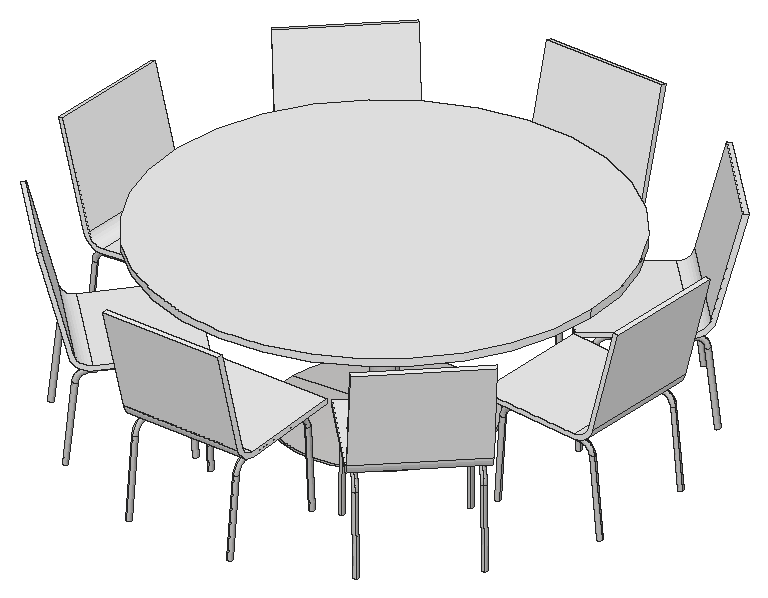
Revit family "Meeting Section Round", category Furniture, Revit 2015
Parameters (values of type "8 Persons")
  Chair Offset = 940 mm
  Table = Table Bar Round : 90x72cm
  Number of Chairs = 8
  Material Plate [instance] = White Glossy
  Material Seat/Back [instance] = White
  Material Chair Base [instance] = Stainless Steel
  Material Table Base [instance] = Stainless Steel
  Chair [instance] = Chair Canteen : Chair Canteen
  Assembly Code = ""
Types (4, lengths in mm): name | Chair Offset | Table | Number of Chairs
  (no name) | 940 | Table Bar Round : 90x72cm | 8
  6 Persons | 820 | Table Bar Round : 80x72cm | 6
  8 Persons | 940 | Table Bar Round : 90x72cm | 8
  4 Persons | 740 | Table Bar Round : 70x72cm | 4
Reference planes
  plane 1 "Center (Front/Back)": y = 0
  plane 2: z = 0
  plane 3 "Center (Left/Right)": x = 0
Dimensions and locks
  "Chair Offset": radius of radial array
Nested families
  nested 1: "Table Bar Round" at (0, 0, 0), Material Plate <- "Material Plate", Material Base <- "Material Table Base", type <- "Table", type "90x72cm"
    with Radius Base 400 mm, Radius Plate 900 mm, Height 720 mm
  nested 2: "Chair Canteen" at (0, 920, 0), type <- "Chair", Material Seat/Back <- "Material Seat/Back", Material Base <- "Material Chair Base", type "Chair Canteen"
    with Material Seat/Back White, Material Caster none, Material Base Stainless Steel
  nested 3: "Chair Canteen" at (650.538, 650.538, 0) x (0.7071, -0.7071, 0) z (0, 0, 1), type <- "Chair", Material Seat/Back <- "Material Seat/Back", Material Base <- "Material Chair Base", type "Chair Canteen"
    with Material Seat/Back White, Material Caster none, Material Base Stainless Steel
  nested 4: "Chair Canteen" at (-650.538, 650.538, 0) x (0.7071, 0.7071, 0) z (0, 0, 1), type <- "Chair", Material Seat/Back <- "Material Seat/Back", Material Base <- "Material Chair Base", type "Chair Canteen"
    with Material Seat/Back White, Material Caster none, Material Base Stainless Steel
  nested 5: "Chair Canteen" at (-920, 0, 0) x (0, 1, 0) z (0, 0, 1), type <- "Chair", Material Seat/Back <- "Material Seat/Back", Material Base <- "Material Chair Base", type "Chair Canteen"
    with Material Seat/Back White, Material Caster none, Material Base Stainless Steel
  nested 6: "Chair Canteen" at (-650.538, -650.538, 0) x (-0.7071, 0.7071, 0) z (0, 0, 1), type <- "Chair", Material Seat/Back <- "Material Seat/Back", Material Base <- "Material Chair Base", type "Chair Canteen"
    with Material Seat/Back White, Material Caster none, Material Base Stainless Steel
  nested 7: "Chair Canteen" at (0, -920, 0) x (-1, 0, 0) z (0, 0, 1), type <- "Chair", Material Seat/Back <- "Material Seat/Back", Material Base <- "Material Chair Base", type "Chair Canteen"
    with Material Seat/Back White, Material Caster none, Material Base Stainless Steel
  nested 8: "Chair Canteen" at (650.538, -650.538, 0) x (-0.7071, -0.7071, 0) z (0, 0, 1), type <- "Chair", Material Seat/Back <- "Material Seat/Back", Material Base <- "Material Chair Base", type "Chair Canteen"
    with Material Seat/Back White, Material Caster none, Material Base Stainless Steel
  nested 9: "Chair Canteen" at (920, 0, 0) x (0, -1, 0) z (0, 0, 1), type <- "Chair", Material Seat/Back <- "Material Seat/Back", Material Base <- "Material Chair Base", type "Chair Canteen"
    with Material Seat/Back White, Material Caster none, Material Base Stainless Steel
Definition of nested family "Table Bar Round"
  Parameters
    Material Plate [instance] = none
    Radius Base = 250 mm
    Radius Plate = 400 mm
    Material Base [instance] = none
    Height = 900 mm
    Assembly Code = ""
  Reference planes
    plane 1 "Center (Front/Back)": y = 0
    plane 2: z = 0
    plane 3 "Center (Left/Right)": x = 0
    plane 4 "Table Height": z = 900
  Forms (mm)
    Revolve 1, solid, material <- "Material Base"
      sketch origin (0, 0, 0) x (1, 0, 0) y (0, 0, 1)
        loop
          line (0, 0) -> (0, 870) -> (-250, 870) -> (-250, 845) -> (-50, 845) -> (-50, 30) -> (-250, 7.034) -> (-250, 0) -> (0, 0)
        axis (0, 870) -> (0, 0)
      angle from 0 to 360
    Extrusion 2, solid, material <- "Material Plate"
      sketch origin (0, 0, 900) x (-1, 0, 0) y (0, -1, 0)
        loop
          circle (0, 0) r 400
      from 0 to -30
  Dimensions and locks
    "Height": plane 4 "Table Height" to level
    "Radius Base": Revolve 1 sketch curve to Revolve 1 sketch curve
    "Radius Base": plane 3 "Center (Left/Right)" to Revolve 1 sketch curve
    locked: Revolve 1 sketch curve to Revolve 1 sketch curve at 25
    "Radius Plate": radius of Extrusion 2 sketch curve
  Automatic sketch dimensions
    Revolve 1 sketch curve to level = 0 mm
    Revolve 1 sketch curve to plane 3 "Center (Left/Right)" = 0 mm  (x2)
    Revolve 1 sketch curve to plane 3 "Center (Left/Right)" = 50 mm
    level to Revolve 1 sketch curve = 7.034 mm
    level to Revolve 1 sketch curve = 30 mm
    Revolve 1 sketch curve to plane 4 "Table Height" = 55 mm
    Revolve 1 sketch curve to Revolve 1 sketch curve = 180 mm
    plane 4 "Table Height" to Revolve 1 sketch curve = 140 mm
    plane 1 "Center (Front/Back)" to Extrusion 2 sketch curve = 0 mm
    Extrusion 2 sketch curve to plane 3 "Center (Left/Right)" = 0 mm
Definition of nested family "Chair Canteen"
  Parameters
    Material Seat/Back [instance] = none
    Material Caster [instance] = none
    Material Base [instance] = none
    Assembly Code = ""
  Reference planes
    plane 1 "Center (Front/Back)": y = 0
    plane 2: z = 0
    plane 3 "Center (Left/Right)": x = 0
  Forms (mm)
    Extrusion 1, solid, material <- "Material Seat/Back"
      sketch origin (-250, 664.098, 0) x (0, 1, 0) y (0, 0, 1)
        loop
          line (-960, 420) -> (-961.395, 400.049) -> (-559.195, 371.924)
          arc (-559.195, 371.924) -> (-507.158, 386.6) -> (-476.341, 431.024) r 80
          line (-476.341, 431.024) -> (-366.801, 839.831) -> (-386.12, 845.007) -> (-495.659, 436.2)
          arc (-495.659, 436.2) -> (-518.773, 402.882) -> (-557.8, 391.875) r 60
          line (-557.8, 391.875) -> (-960, 420)
      from 0 to 500
    Sweep 2, solid, material <- "Material Base"
      path origin (-220, 0, 0) x (0, 1, 0) y (0, 0, 1)
        loop
          line (-260, 0) -> (-236.529, 335.653)
          arc (-236.529, 335.653) -> (-216.039, 376.75) -> (-172.49, 391.321) r 60
          line (-172.49, 391.321) -> (116.459, 371.116)
          arc (116.459, 371.116) -> (153.953, 354.423) -> (171.945, 317.534) r 60
          line (171.945, 317.534) -> (205.319, 0)
      profile origin (-220, -248.264, 167.826) x (0, -0.997564, 0.069756) y (1, 0, 0)
        loop
          circle (-10, 0) r 10
    Sweep 3, solid, material <- "Material Base"
      path origin (220, 0, 0) x (0, 1, 0) y (0, 0, -1)
        loop
          line (-260, 0) -> (-236.529, -335.653)
          arc (-236.529, -335.653) -> (-216.039, -376.75) -> (-172.49, -391.321) r 60
          line (-172.49, -391.321) -> (116.459, -371.116)
          arc (116.459, -371.116) -> (153.953, -354.423) -> (171.945, -317.534) r 60
          line (171.945, -317.534) -> (205.319, 0)
      profile origin (220, -248.264, 167.826) x (0, 0.997564, -0.069756) y (-1, 0, 0)
        loop
          circle (10, 0) r 10
